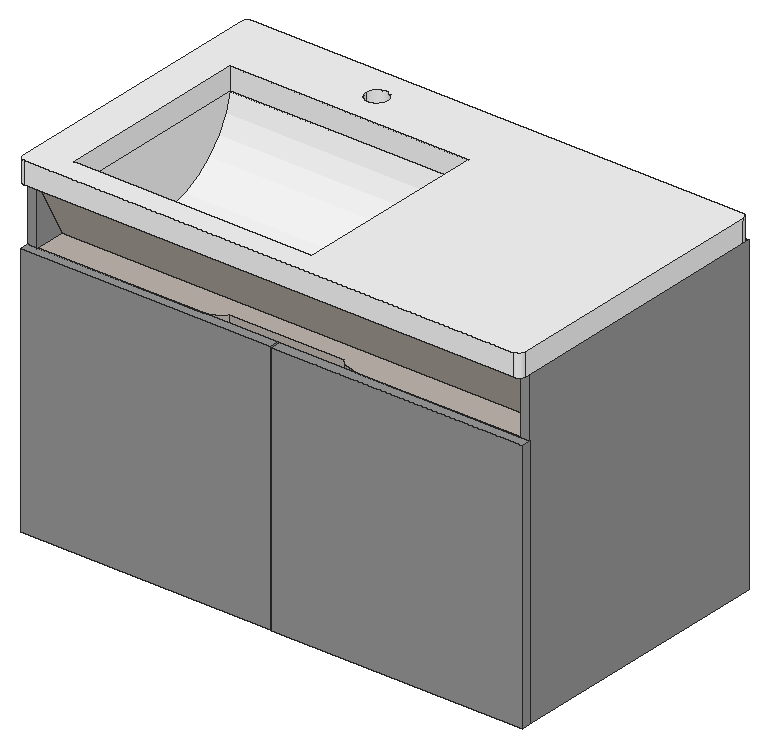
Revit family "138116851_Mueble Pontus Vital 80 cm con Lavamanos", category Furniture, Revit 2019
Family settings
  OmniClass Number = 23.31.13.11
  OmniClass Title = Single Sinks
  Work Plane-Based = No
  Always vertical = Yes
  Cut with Voids When Loaded = No
  Shared = No
  Room Calculation Point = No
Parameters
  URL = ""
  Resistencia al rayado = "700 ciclos"  # constant formula
  Resistencia a la humedad = "8%."  # constant formula
  Peso Neto aprox = "30,4 lb (13,8 kg)."  # constant formula
  Peso Bruto aprox = "14,7 lb (32,4 kg)."  # constant formula
  Model = "Pontus Vital 60"  # constant formula
  Material = Corona_Madera_Coñac
  Manufacturer = "Corona"  # constant formula
  Longitud = 450 mm
  Garantía Herraje = "1 Años"  # constant formula
  Garantía = "5 Años  (Madera)"  # constant formula
  Fecha de creación = "05/08/2020"  # constant formula
  Description = "Línea de Muebles Pontus Vital diseño compacto que se adapta a la gran mayoría\r\nde espacios disponibles.\r\n· Diseño de apertura cómodo.\r\n· Máxima capacidad de almacenamiento.\r\n· Lavamanos 100% en porcelana con superficie amplia de apoyo.\r\n· Resistentes a la humedad."  # constant formula
  Creado por = "IDD"  # constant formula
  Ancho = 800 mm
  Alto = 764 mm
  Acabado = Corona_Plastico_Taupe
Reference planes
  plane 1 "Center (Front/Back)": y = 0
  plane 2: z = 0
  plane 3 "Center (Left/Right)": x = 0
  plane 4 "Center L/S": x = 400
  plane 5 "Center L/T": x = -400
  plane 6 "Center L/U": y = -450
  plane 7 "Center L/V": x = -385
  plane 8 "Center L/W": x = 385
  plane 9 "Center L/Z": y = -435
  plane 10 "Center L/BB": y = -15
  plane 11 "Center L/CC": y = -225
  plane 12: z = 764
  plane 13: z = 279
  plane 14: z = 749
  plane 15: z = 264
  plane 16: z = 524
  plane 17: z = 424
  plane 18: z = 668
  plane 19 "Center L/DD": x = 1
  plane 20 "Center L/EE": x = -1
  plane 21: z = 653
Forms (mm)
  Extrusion 1, solid, not visible
    sketch origin (0, 0, -26) x (1, 0, 0) y (0, 0, 1)
      loop
        circle (-87.767, 550) r 10
    from 0 to 1
  Extrusion 2, solid, not visible
    sketch origin (-211, 0, -26) x (-1, 0, 0) y (0, 0, -1)
      loop
        circle (-298.767, -550) r 10
    from 0 to 1
  Extrusion 3, solid, not visible
    sketch origin (-87.767, 0, -126) x (-1, 0, 0) y (0, 0, -1)
      loop
        circle (-87.767, -550) r 10
    from 0 to 1
  Extrusion 4, solid, material "Corona_Madera_Coñac" <- "Material", detail levels medium+fine
    sketch origin (0, 0, 0) x (1, 0, 0) y (0, 1, 0)
      loop
        line (-400, 0) -> (-400, -435) -> (-385, -435) -> (-385, 0) -> (-400, 0)
    from 264 to 764
  Extrusion 5, solid, material "Corona_Madera_Coñac" <- "Material", detail levels medium+fine
    sketch origin (0, 0, 0) x (-1, 0, 0) y (0, -1, 0)
      loop
        line (-400, 0) -> (-385, 0) -> (-385, 435) -> (-400, 435) -> (-400, 0)
    from 264 to 764
  Extrusion 6, solid, material "Corona_Madera_Coñac" <- "Material", detail levels medium+fine
    sketch origin (0, 0, 0) x (1, 0, 0) y (0, 1, 0)
      loop
        line (-385, 0) -> (-385, -15) -> (385, -15) -> (385, 0) -> (-385, 0)
    from 264 to 764
  Extrusion 7, solid, material "Corona_Madera_Coñac" <- "Material", detail levels medium+fine
    sketch origin (0, -265, 0) x (1, 0, 0) y (0, 0, 1)
      loop
        line (-400, 264) -> (-1, 264) -> (-1, 668) -> (-400, 668) -> (-400, 264)
      loop
        line (1, 668) -> (1, 264) -> (400, 264) -> (400, 668) -> (1, 668)
    from 170 to 185
  Extrusion 8, solid, material "Corona_Madera_Coñac" <- "Material", detail levels medium+fine
    sketch origin (0, 0, 0) x (1, 0, 0) y (0, 1, 0)
      loop
        line (-385, -15) -> (-385, -435) -> (385, -435) -> (385, -15) -> (-385, -15)
    from 264 to 279
  Extrusion 9, solid, material "Corona_Plastico_Taupe" <- "Acabado", detail levels medium+fine
    sketch origin (0, 0, 0) x (1, 0, 0) y (0, 1, 0)
      loop
        line (-385, -435) -> (-123.026, -435)
        arc (-123.026, -435) -> (-105.878, -430.24) -> (-91.569, -419.657) r 48.897
        line (-91.569, -419.657) -> (91.569, -419.657)
        arc (91.569, -419.657) -> (105.878, -430.24) -> (123.026, -435) r 48.897
        line (123.026, -435) -> (385, -435) -> (385, -360) -> (-385, -360) -> (-385, -435)
    from 653 to 668
  Extrusion 10, solid, material "Corona_Plastico_Taupe" <- "Acabado", detail levels medium+fine
    sketch origin (0, 0, 0) x (0, 1, 0) y (0, 0, 1)
      loop
        line (-380.072, 668) -> (-431.116, 764) -> (-437.22, 764) -> (-386.176, 668) -> (-380.072, 668)
    from -385 to 385
  Extrusion 11, solid, material "Corona_Madera_Coñac" <- "Material", detail levels coarse
    sketch origin (0, 0, 0) x (1, 0, 0) y (0, 1, 0)
      loop
        line (-400, 0) -> (-400, -450) -> (400, -450) -> (400, 0) -> (-400, 0)
    from 264 to 764
  Extrusion 12, solid, material "Corona_Porcelana_Sanitaria_Blanco", detail levels coarse
    sketch origin (0, 0, 0) x (1, 0, 0) y (0, 1, 0)
      loop
        line (-400, 0) -> (-400, -450) -> (400, -450) -> (400, 0) -> (-400, 0)
    from 764 to 799
Dimensions and locks
  equal spacing: plane 5 "Center L/T", plane 3 "Center (Left/Right)", plane 4 "Center L/S"
  "Ancho": plane 5 "Center L/T" to plane 4 "Center L/S"
  "Longitud": plane 6 "Center L/U" to plane 1 "Center (Front/Back)"
  plane 14 to plane 13 = 470 mm
  plane 12 to plane 15 = 500 mm
  locked: plane 13 to plane 15 at 15
  locked: plane 12 to plane 14 at 15
  plane 18 to plane 15 = 404 mm
  "Alto": plane 12 to level
  locked: plane 7 "Center L/V" to plane 5 "Center L/T" at 15
  locked: plane 4 "Center L/S" to plane 8 "Center L/W" at 15
  aligned and locked: level to plane 2
  aligned and locked: Extrusion 4 sketch curve to plane 7 "Center L/V"
  aligned and locked: Extrusion 4 sketch curve to plane 9 "Center L/Z"
  aligned and locked: plane 5 "Center L/T" to Extrusion 4 sketch curve
  aligned and locked: plane 1 "Center (Front/Back)" to Extrusion 4 sketch curve
  aligned and locked: plane 9 "Center L/Z" to Extrusion 5
  aligned and locked: plane 4 "Center L/S" to Extrusion 5
  aligned and locked: Extrusion 5 to plane 8 "Center L/W"
  aligned and locked: Extrusion 5 to plane 1 "Center (Front/Back)"
  aligned and locked: Extrusion 6 sketch curve to plane 8 "Center L/W"
  aligned and locked: plane 1 "Center (Front/Back)" to Extrusion 6 sketch curve
  aligned and locked: Extrusion 6 sketch curve to plane 10 "Center L/BB"
  aligned and locked: plane 7 "Center L/V" to Extrusion 6 sketch curve
  aligned and locked: plane 12 to Extrusion 6
  aligned and locked: Extrusion 6 to plane 15
  aligned and locked: plane 12 to Extrusion 5
  aligned and locked: Extrusion 5 to plane 15
  aligned and locked: plane 12 to Extrusion 4
  aligned and locked: Extrusion 4 to plane 15
  aligned and locked: plane 6 "Center L/U" to Extrusion 7
  aligned and locked: Extrusion 7 to plane 9 "Center L/Z"
  aligned and locked: Extrusion 8 sketch curve to plane 8 "Center L/W"
  aligned and locked: plane 10 "Center L/BB" to Extrusion 8 sketch curve
  aligned and locked: plane 7 "Center L/V" to Extrusion 8 sketch curve
  aligned and locked: Extrusion 8 sketch curve to plane 9 "Center L/Z"
  aligned and locked: plane 13 to Extrusion 8
  aligned and locked: Extrusion 8 to plane 15
  aligned and locked: plane 8 "Center L/W" to Extrusion 9 sketch curve
  aligned and locked: Extrusion 9 sketch curve to plane 7 "Center L/V"
  aligned and locked: plane 9 "Center L/Z" to Extrusion 9 sketch curve
  aligned and locked: plane 18 to Extrusion 9
  aligned and locked: plane 8 "Center L/W" to Extrusion 10
  aligned and locked: Extrusion 10 to plane 7 "Center L/V"
  aligned and locked: nested 1 to plane 12
  aligned and locked: plane 1 "Center (Front/Back)" to nested 1
  aligned and locked: Extrusion 9 to plane 21
  aligned and locked: Extrusion 11 sketch curve to plane 6 "Center L/U"
  aligned and locked: plane 5 "Center L/T" to Extrusion 11 sketch curve
  aligned and locked: plane 1 "Center (Front/Back)" to Extrusion 11 sketch curve
  aligned and locked: Extrusion 11 sketch curve to plane 4 "Center L/S"
  aligned and locked: plane 12 to Extrusion 11
  aligned and locked: Extrusion 11 to plane 15
  aligned and locked: nested 1 to Extrusion 12
  aligned and locked: Extrusion 12 to plane 12
  aligned and locked: plane 1 "Center (Front/Back)" to nested 2
  aligned and locked: plane 3 "Center (Left/Right)" to nested 3
  aligned and locked: nested 3 to plane 12
  aligned and locked: nested 4 to plane 11 "Center L/CC"
  aligned and locked: nested 4 to plane 12
  aligned and locked: plane 5 "Center L/T" to nested 1
  aligned and locked: plane 5 "Center L/T" to nested 2
Automatic sketch dimensions
  Extrusion 1 sketch curve to plane 16 = 0 mm
  Extrusion 1 sketch curve to plane 20 "Center L/EE" = 86.767 mm
  Extrusion 2 sketch curve to plane 16 = 0 mm
  plane 8 "Center L/W" to Extrusion 2 sketch curve = 297.233 mm
  Extrusion 3 sketch curve to plane 3 "Center (Left/Right)" = 0 mm
  Extrusion 3 sketch curve to plane 17 = 0 mm
  Extrusion 5 sketch curve to plane 4 "Center L/S" = 0 mm
  Extrusion 5 sketch curve to plane 8 "Center L/W" = 0 mm
  plane 9 "Center L/Z" to Extrusion 5 sketch curve = 0 mm
  plane 1 "Center (Front/Back)" to Extrusion 5 sketch curve = 0 mm
  Extrusion 7 sketch curve to plane 5 "Center L/T" = 0 mm
  Extrusion 7 sketch curve to plane 18 = 0 mm  (x2)
  Extrusion 7 sketch curve to plane 20 "Center L/EE" = 0 mm
  Extrusion 7 sketch curve to plane 19 "Center L/DD" = 0 mm
  Extrusion 7 sketch curve to plane 4 "Center L/S" = 0 mm
  Extrusion 7 sketch curve to plane 15 = 0 mm  (x2)
  plane 9 "Center L/Z" to Extrusion 9 sketch curve = 0 mm
  Extrusion 9 sketch curve to plane 9 "Center L/Z" = 48.709 mm  (x2)
  Extrusion 9 sketch curve to plane 20 "Center L/EE" = 126.313 mm
  Extrusion 9 sketch curve to Extrusion 9 sketch curve = 4.286 mm
  Extrusion 9 sketch curve to plane 9 "Center L/Z" = 15.343 mm
  plane 19 "Center L/DD" to Extrusion 9 sketch curve = 90.569 mm
  Extrusion 9 sketch curve to Extrusion 9 sketch curve = 31.458 mm
  Extrusion 9 sketch curve to plane 9 "Center L/Z" = 75 mm
  Extrusion 10 sketch curve to plane 12 = 0 mm
  Extrusion 10 sketch curve to plane 18 = 0 mm
  plane 9 "Center L/Z" to Extrusion 10 sketch curve = 2.22 mm
  Extrusion 10 sketch curve to plane 9 "Center L/Z" = 3.884 mm
  Extrusion 10 sketch curve to plane 9 "Center L/Z" = 48.824 mm
  Extrusion 10 sketch curve to Extrusion 10 sketch curve = 6.104 mm
  Extrusion 12 sketch curve to plane 5 "Center L/T" = 0 mm
  Extrusion 12 sketch curve to plane 4 "Center L/S" = 0 mm
  plane 6 "Center L/U" to Extrusion 12 sketch curve = 0 mm
  plane 1 "Center (Front/Back)" to Extrusion 12 sketch curve = 0 mm
  radius of Extrusion 1 sketch curve = 10 mm
  radius of Extrusion 2 sketch curve = 10 mm
  radius of Extrusion 3 sketch curve = 10 mm
Nested families
  nested 1: "Lavamanos pontus 60" at (1, 0, 799), type "Lavamanos pontus 60", detail levels medium+fine
  nested 2: "Planta3" at (-100, 0, 0), type "Planta3"
  nested 3: "Front3" at (0, 0, 764) x (1, 0, 0) z (0, -1, 0), type "Front3"
  nested 4: "Rigth3" at (0, -225, 764) x (0, 1, 0) z (1, 0, 0), type "Rigth3"
Connectors
  piping at (87.767, 0, 524), diameter 12.7
    settings: on Extrusion 2, index 5, connector inside diameter 609.6 mm, connector length 0 mm, flow factor 0, pipe flow 0.0 L/s, pressure drop 0.0 Pa, fitting loss kfactor 0, connector angle 0.00°, fixture units 0, engagement length 0 mm, angle of deflection 0.00°, flow configuration 0, flow direction 0, fitting loss method 0, system type 20, joint type 0, gender type 0, connector reference index -1, connector utility 0, adjustable connector no, is connector primary yes, connector description ""
  piping at (-87.767, 0, 524), diameter 12.7
    settings: on Extrusion 1, index 6, connector inside diameter 609.6 mm, connector length 0 mm, flow factor 0, pipe flow 0.0 L/s, pressure drop 0.0 Pa, fitting loss kfactor 0, connector angle 0.00°, fixture units 0, engagement length 0 mm, angle of deflection 0.00°, flow configuration 0, flow direction 0, fitting loss method 0, system type 19, joint type 0, gender type 0, connector reference index -1, connector utility 0, adjustable connector no, is connector primary no, connector description ""
  piping at (0, 0, 424), diameter 38.1
    settings: on Extrusion 3, index 7, connector inside diameter 609.6 mm, connector length 0 mm, flow factor 0, pipe flow 0.0 L/s, pressure drop 0.0 Pa, fitting loss kfactor 0, connector angle 0.00°, fixture units 0, engagement length 0 mm, angle of deflection 0.00°, flow configuration 0, flow direction 0, fitting loss method 0, system type 16, joint type 0, gender type 0, connector reference index -1, connector utility 0, adjustable connector no, is connector primary no, connector description ""
Definition of nested family "Lavamanos pontus 60"
  Parameters (values of type "Lavamanos pontus 60")
    Material = none
    Longitud = 454 mm
    Ancho = 600 mm
  Reference planes
    plane 1 "Center (Front/Back)": y = 0
    plane 2: z = 0
    plane 3 "Center (Left/Right)": x = 0
    plane 4 "Center L/T": x = -401
    plane 5 "Center L/U": y = -454
    plane 6: z = -35
    plane 7: z = -165
    plane 8 "Center L/V": x = -341
    plane 9 "Center L/W": x = 39
    plane 10 "Center L/X": y = -419
    plane 11 "Center L/Y": y = -107
    plane 12 "Center L/S": x = 399
  Forms (mm)
    Extrusion 1, solid, material <- "Material"
      sketch origin (0, 0, 0) x (1, 0, 0) y (0, 1, 0)
        loop
          arc (-391, 0) -> (-398.071, -2.929) -> (-401, -10) r 10
          line (-401, -10) -> (-401, -444)
          arc (-401, -444) -> (-398.071, -451.071) -> (-391, -454) r 10
          line (-391, -454) -> (389, -454)
          arc (389, -454) -> (396.071, -451.071) -> (399, -444) r 10
          line (399, -444) -> (399, -10)
          arc (399, -10) -> (396.071, -2.929) -> (389, 0) r 10
          line (389, 0) -> (-391, 0)
        loop
          line (-341, -107) -> (-341, -419) -> (39, -419) -> (39, -107) -> (-341, -107)
      from 0 to -35
    Extrusion 2, solid, material <- "Material"
      sketch origin (0, 0, 0) x (1, 0, 0) y (0, 1, 0)
        loop
          line (54, -429) -> (54, -97) -> (-356, -97) -> (-356, -429) -> (54, -429)
      from -35 to -165
    Extrusion 3, void
      sketch origin (0, 0, 0) x (0, 1, 0) y (0, 0, 1)
        loop
          arc (-301.939, -157.11) -> (-380.852, -113.866) -> (-424.183, -35) r 160.826
          line (-424.183, -35) -> (-434.439, -35) -> (-434.439, -180) -> (-301.939, -180) -> (-301.939, -157.11)
        loop
          line (-224.061, -165) -> (-224.061, -180) -> (-91.561, -180) -> (-91.561, -35) -> (-101.85, -35)
          arc (-101.85, -35) -> (-144.89, -114.365) -> (-223.911, -158.034) r 160.826
          line (-223.911, -158.034) -> (-223.911, -165)
      from -401 to 81.952
    Extrusion 4, void
      sketch origin (0, 0, 0) x (0, 1, 0) y (0, 0, 1)
        loop
          line (-300.38, -153.903) -> (-225.62, -153.903) -> (-225.62, -149.131)
          arc (-225.62, -149.131) -> (-148.771, -110.385) -> (-107.249, -35) r 145.528
          line (-107.249, -35) -> (-418.082, -35)
          arc (-418.082, -35) -> (-376.804, -110.15) -> (-300.38, -149.016) r 145.528
          line (-300.38, -149.016) -> (-300.38, -153.903)
      from -341 to 39
    Extrusion 5, void
      sketch origin (0, 0, 0) x (1, 0, 0) y (0, 1, 0)
        loop
          circle (-150.039, -263.353) r 38.1
      from -185.771 to -135.263
    Extrusion 6, void
      sketch origin (0, 210, 0) x (1, 0, 0) y (0, 1, 0)
        loop
          circle (-150.039, -263.353) r 17.5
      from -52.513 to 13.257
  Cuts and joins
    Extrusion 3, Extrusion 4, Extrusion 6 cuts Extrusion 1
    Extrusion 3, Extrusion 4, Extrusion 5, Extrusion 6 cuts Extrusion 2
  Dimensions and locks
    plane 4 "Center L/T" to plane 12 "Center L/S" = 800 mm
    "Longitud": plane 5 "Center L/U" to plane 1 "Center (Front/Back)"
    plane 2 to plane 7 = 165 mm
    level to plane 6 = 35 mm
    plane 8 "Center L/V" to plane 9 "Center L/W" = 380 mm
    locked: plane 4 "Center L/T" to plane 8 "Center L/V" at 60
    plane 10 "Center L/X" to plane 11 "Center L/Y" = 312 mm
    locked: plane 5 "Center L/U" to plane 10 "Center L/X" at 35
    aligned and locked: level to plane 2
    aligned and locked: Extrusion 1 sketch curve to plane 5 "Center L/U"
    aligned and locked: plane 4 "Center L/T" to Extrusion 1 sketch curve
    aligned and locked: plane 1 "Center (Front/Back)" to Extrusion 1 sketch curve
    aligned and locked: Extrusion 1 sketch curve to plane 9 "Center L/W"
    aligned and locked: plane 11 "Center L/Y" to Extrusion 1 sketch curve
    aligned and locked: plane 8 "Center L/V" to Extrusion 1 sketch curve
    aligned and locked: Extrusion 1 sketch curve to plane 10 "Center L/X"
    aligned and locked: Extrusion 2 to plane 7
    aligned and locked: Extrusion 1 sketch curve to plane 12 "Center L/S"
  Automatic sketch dimensions
    plane 4 "Center L/T" to Extrusion 1 sketch curve = 10 mm  (x2)
    Extrusion 1 sketch curve to plane 12 "Center L/S" = 10 mm  (x2)
    Extrusion 2 sketch curve to plane 8 "Center L/V" = 15 mm
    plane 9 "Center L/W" to Extrusion 2 sketch curve = 15 mm
    plane 10 "Center L/X" to Extrusion 2 sketch curve = 10 mm
    Extrusion 2 sketch curve to plane 11 "Center L/Y" = 10 mm
    Extrusion 3 sketch curve to plane 6 = 0 mm  (x2)
    Extrusion 3 sketch curve to plane 7 = 0 mm  (x2)
    plane 10 "Center L/X" to Extrusion 3 sketch curve = 15.439 mm
    plane 10 "Center L/X" to Extrusion 3 sketch curve = 5.183 mm
    Extrusion 3 sketch curve to plane 7 = 15 mm  (x2)
    Extrusion 3 sketch curve to plane 10 "Center L/X" = 117.061 mm
    Extrusion 3 sketch curve to level = 0.082 mm
    Extrusion 3 sketch curve to plane 10 "Center L/X" = 151.806 mm
    Extrusion 3 sketch curve to level = 1.096 mm
    Extrusion 3 sketch curve to Extrusion 3 sketch curve = 8.132 mm
    Extrusion 3 sketch curve to Extrusion 3 sketch curve = 77.878 mm
    Extrusion 3 sketch curve to Extrusion 3 sketch curve = 0.15 mm
    Extrusion 3 sketch curve to plane 11 "Center L/Y" = 5.15 mm
    Extrusion 3 sketch curve to plane 11 "Center L/Y" = 15.439 mm
    Extrusion 4 sketch curve to plane 6 = 0 mm
    Extrusion 4 sketch curve to plane 10 "Center L/X" = 0.918 mm
    plane 7 to Extrusion 4 sketch curve = 11.097 mm
    Extrusion 4 sketch curve to plane 10 "Center L/X" = 118.62 mm
    Extrusion 4 sketch curve to level = 5.622 mm  (x2)
    Extrusion 4 sketch curve to plane 10 "Center L/X" = 143.45 mm
    Extrusion 4 sketch curve to Extrusion 4 sketch curve = 25.769 mm
    plane 7 to Extrusion 4 sketch curve = 15.869 mm
    Extrusion 4 sketch curve to Extrusion 4 sketch curve = 74.76 mm
    Extrusion 5 sketch curve to plane 3 "Center (Left/Right)" = 150.039 mm
    Extrusion 5 sketch curve to plane 10 "Center L/X" = 155.647 mm
    plane 1 "Center (Front/Back)" to Extrusion 6 sketch curve = 53.353 mm
    Extrusion 6 sketch curve to plane 3 "Center (Left/Right)" = 150.039 mm
    radius of Extrusion 5 sketch curve = 38.1 mm
    radius of Extrusion 6 sketch curve = 17.5 mm
  Nested families
    nested 1: "Canastilla" at (-150.015, -263.802, -179.217), type "Canastilla"
  Definition of nested family "Canastilla"
    Parameters (values of type "Canastilla")
      Material = none
    Reference planes
      plane 1 "Center (Front/Back)": y = 0
      plane 2: z = 0
      plane 3 "Center (Left/Right)": x = 0
    Forms (mm)
      Revolve 1, solid, material <- "Material"
        sketch origin (0, 0, 0) x (1, 0, 0) y (0, 0, 1)
          loop
            line (-26.595, 26.918) -> (-38.5, 26.918) -> (-38.5, 25.314) -> (-36.628, 25.314) -> (-36.628, 24.512) -> (-33.153, 24.512) -> (-33.153, 21.838) -> (-30.977, 15.519) -> (-28.87, 15.147) -> (-28.87, 11.939) -> (-27.713, 11.27) -> (-27.713, 9.934) -> (-26.865, 9.934) -> (-26.865, 7.388) -> (-17.652, 3.286) -> (-16.315, 3.286) -> (-15.184, 0) -> (0, 0) -> (0, 21.204) -> (-5.81, 21.204)
            arc (-5.81, 21.204) -> (-6.163, 21.058) -> (-6.31, 20.704) r 0.5
            line (-6.31, 20.704) -> (-6.31, 19.645)
            arc (-6.31, 19.645) -> (-6.163, 19.292) -> (-5.81, 19.145) r 0.5
            line (-5.81, 19.145) -> (-3.119, 19.145) -> (-3.119, 18.241) -> (-4.218, 18.241) -> (-4.821, 14.686) -> (-19.481, 14.686)
            arc (-19.481, 14.686) -> (-20.699, 15.099) -> (-21.413, 16.168) r 2
            line (-21.413, 16.168) -> (-23.698, 24.695)
            arc (-23.698, 24.695) -> (-24.769, 26.298) -> (-26.595, 26.918) r 3
          axis (0, 26.918) -> (0, 0)
        angle from 0 to 360
    Dimensions and locks
      aligned and locked: level to plane 2
      aligned and locked: Revolve 1 sketch curve to plane 3 "Center (Left/Right)"
      aligned and locked: Revolve 1 sketch curve to plane 2
Definition of nested family "Planta3"
  Parameters (values of type "Planta3")
    Longitud = 450 mm
    Ancho = 800 mm
  Reference planes
    plane 1 "Center (Front/Back)": y = 0
    plane 2: z = 0
    plane 3 "Center (Left/Right)": x = 0
    plane 4 "Center (F/C": x = 500
    plane 5 "Center (F/D": x = -300
    plane 6 "Center (F/E": y = -450
  Lines and regions (mm)
    detail lines, in view "Ref. Level"
      curve 1: line (-290, 0, 0) -> (490, 0, 0)
      curve 2: line (-300, -440, 0) -> (-300, -10, 0)
      curve 3: line (490, -450, 0) -> (-290, -450, 0)
      curve 4: line (500, -10, 0) -> (500, -440, 0)
      curve 5: arc (-300, -10, 0) -> (-297.071, -2.929, 0) -> (-290, 0, 0) r 10
      curve 6: arc (490, 0, 0) -> (497.071, -2.929, 0) -> (500, -10, 0) r 10
      curve 7: arc (500, -440, 0) -> (497.071, -447.071, 0) -> (490, -450, 0) r 10
      curve 8: arc (-290, -450, 0) -> (-297.071, -447.071, 0) -> (-300, -440, 0) r 10
      curve 9: line (-240, -101.85, 0) -> (-240, -424.183, 0)
      curve 10: line (140, -101.85, 0) -> (-240, -101.85, 0)
      curve 11: line (140, -424.183, 0) -> (140, -101.85, 0)
      curve 12: line (-240, -424.183, 0) -> (140, -424.183, 0)
      curve 13: line (-215, -101.85, 0) -> (-215, -131.85, 0)
      curve 14: line (-215, -424.183, 0) -> (-215, -394.183, 0)
      curve 15: arc (-215, -131.85, 0) -> (-202.642, -263.017, 0) -> (-215, -394.183, 0) r 702.248
      curve 16: line (115, -101.85, 0) -> (115, -131.85, 0)
      curve 17: line (115, -424.183, 0) -> (115, -394.183, 0)
      curve 18: arc (115, -131.85, 0) -> (102.642, -263.017, 0) -> (115, -394.183, 0) r 702.248
      curve 19: circle (-50, -263.017, 0) r 21.75 normal (0, 0, 1)
      curve 20: circle (-50, -48.017, 0) r 17.5 normal (0, 0, 1)
  Dimensions and locks
    plane 5 "Center (F/D" to plane 3 "Center (Left/Right)" to plane 4 "Center (F/C" = 300 mm, 500 mm
    "Ancho": plane 5 "Center (F/D" to plane 4 "Center (F/C"
    "Longitud": plane 6 "Center (F/E" to plane 1 "Center (Front/Back)"
    curve 2 to curve 9 to curve 11 = 60 mm, 380 mm
    aligned and locked: curve 4 to plane 4 "Center (F/C"
    aligned and locked: curve 3 to plane 6 "Center (F/E"
    aligned and locked: plane 5 "Center (F/D" to curve 2
    aligned and locked: plane 1 "Center (Front/Back)" to curve 1
  Automatic sketch dimensions
    curve 15 to plane 6 "Center (F/E" = 186.983 mm
    curve 15 to plane 5 "Center (F/D" = 604.89 mm
    plane 5 "Center (F/D" to curve 3 = 10 mm
    plane 1 "Center (Front/Back)" to curve 5 = 10 mm
    curve 9 to curve 14 = 25 mm
    curve 9 to curve 13 = 25 mm
    curve 19 to plane 3 "Center (Left/Right)" = 50 mm
    curve 20 to plane 3 "Center (Left/Right)" = 50 mm
    curve 17 to curve 11 = 25 mm
    curve 16 to curve 10 = 25 mm
    curve 3 to plane 4 "Center (F/C" = 10 mm
    curve 1 to plane 4 "Center (F/C" = 10 mm
    plane 4 "Center (F/C" to curve 18 = 304.89 mm
    curve 11 to plane 6 "Center (F/E" = 25.817 mm
    curve 14 to curve 14 = 30 mm
    curve 17 to curve 17 = 30 mm
    curve 18 to plane 6 "Center (F/E" = 186.983 mm
    curve 19 to plane 6 "Center (F/E" = 186.983 mm
    curve 18 to curve 11 = 30 mm
    plane 1 "Center (Front/Back)" to curve 20 = 48.017 mm
    radius of curve 19 = 21.75 mm
    radius of curve 20 = 17.5 mm
Definition of nested family "Front3"
  Parameters (values of type "Front3")
    Longitud = 500 mm
    Ancho = 800 mm
  Reference planes
    plane 1 "Center (Front/Back)": y = 0
    plane 2: z = 0
    plane 3 "Center (Left/Right)": x = 0
    plane 4 "Center (F/C": x = 400
    plane 5 "Center (F/D": x = -400
    plane 6 "Center (F/E": y = -500
    plane 7 "Center (F/F": x = -1
    plane 8 "Center (F/G": x = 1
    plane 9 "Center (F/H": y = -96
    plane 10 "Center (F/I": y = 35
  Lines and regions (mm)
    detail lines, in view "Ref. Level"
      curve 1: line (-400, 0, 0) -> (400, 0, 0)
      curve 2: line (-400, -500, 0) -> (-400, 0, 0)
      curve 3: line (400, -500, 0) -> (-400, -500, 0)
      curve 4: line (400, 0, 0) -> (400, -500, 0)
      curve 5: line (-1, -96, 0) -> (-1, -500, 0)
      curve 6: line (1, -96, 0) -> (1, -500, 0)
      curve 7: line (-400, -96, 0) -> (400, -96, 0)
      curve 8: line (-385, 0, 0) -> (-385, -96, 0)
      curve 9: line (385, 0, 0) -> (385, -96, 0)
      curve 10: line (-400, 0, 0) -> (-400, 35, 0)
      curve 11: line (-400, 35, 0) -> (400, 35, 0)
      curve 12: line (400, 35, 0) -> (400, 0, 0)
  Dimensions and locks
    equal spacing: plane 5 "Center (F/D", plane 3 "Center (Left/Right)", plane 4 "Center (F/C"
    "Ancho": plane 5 "Center (F/D" to plane 4 "Center (F/C"
    "Longitud": plane 6 "Center (F/E" to plane 1 "Center (Front/Back)"
    aligned and locked: curve 4 to plane 4 "Center (F/C"
    aligned and locked: curve 3 to plane 6 "Center (F/E"
    aligned and locked: plane 5 "Center (F/D" to curve 2
    aligned and locked: plane 1 "Center (Front/Back)" to curve 1
  Automatic sketch dimensions
    plane 9 "Center (F/H" to curve 8 = 0 mm
    curve 5 to plane 7 "Center (F/F" = 0 mm
    curve 6 to plane 8 "Center (F/G" = 0 mm
    plane 10 "Center (F/I" to curve 12 = 0 mm
    plane 5 "Center (F/D" to curve 8 = 15 mm
    curve 9 to curve 12 = 15 mm
Definition of nested family "Rigth3"
  Parameters (values of type "Rigth3")
    Longitud = 500 mm
    Ancho = 450 mm
  Reference planes
    plane 1 "Center (Front/Back)": y = 0
    plane 2: z = 0
    plane 3 "Center (Left/Right)": x = 0
    plane 4 "Center (F/C": x = 225
    plane 5 "Center (F/D": x = -225
    plane 6 "Center (F/E": y = -500
    plane 7 "Center (F/I": y = 35
  Lines and regions (mm)
    detail lines, in view "Ref. Level"
      curve 1: line (-225, 0, 0) -> (225, 0, 0)
      curve 2: line (-225, -500, 0) -> (-225, -96, 0)
      curve 3: line (225, -500, 0) -> (-225, -500, 0)
      curve 4: line (225, 0, 0) -> (225, -500, 0)
      curve 5: line (-225, -96, 0) -> (-210, -96, 0)
      curve 6: line (-210, -96, 0) -> (-210, -500, 0)
      curve 7: line (-210, -96, 0) -> (-210, 0, 0)
      curve 8: line (-225, 0, 0) -> (-225, 35, 0)
      curve 9: line (-225, 35, 0) -> (225, 35, 0)
      curve 10: line (225, 35, 0) -> (225, 0, 0)
  Dimensions and locks
    equal spacing: plane 5 "Center (F/D", plane 3 "Center (Left/Right)", plane 4 "Center (F/C"
    "Ancho": plane 5 "Center (F/D" to plane 4 "Center (F/C"
    "Longitud": plane 6 "Center (F/E" to plane 1 "Center (Front/Back)"
    aligned and locked: curve 4 to plane 4 "Center (F/C"
    aligned and locked: curve 3 to plane 6 "Center (F/E"
    aligned and locked: plane 5 "Center (F/D" to curve 2
    aligned and locked: plane 1 "Center (Front/Back)" to curve 1
  Automatic sketch dimensions
    curve 8 to plane 5 "Center (F/D" = 0 mm
    plane 7 "Center (F/I" to curve 10 = 0 mm
    curve 5 to curve 7 = 0 mm
    plane 1 "Center (Front/Back)" to curve 2 = 96 mm
    curve 8 to curve 7 = 15 mm
